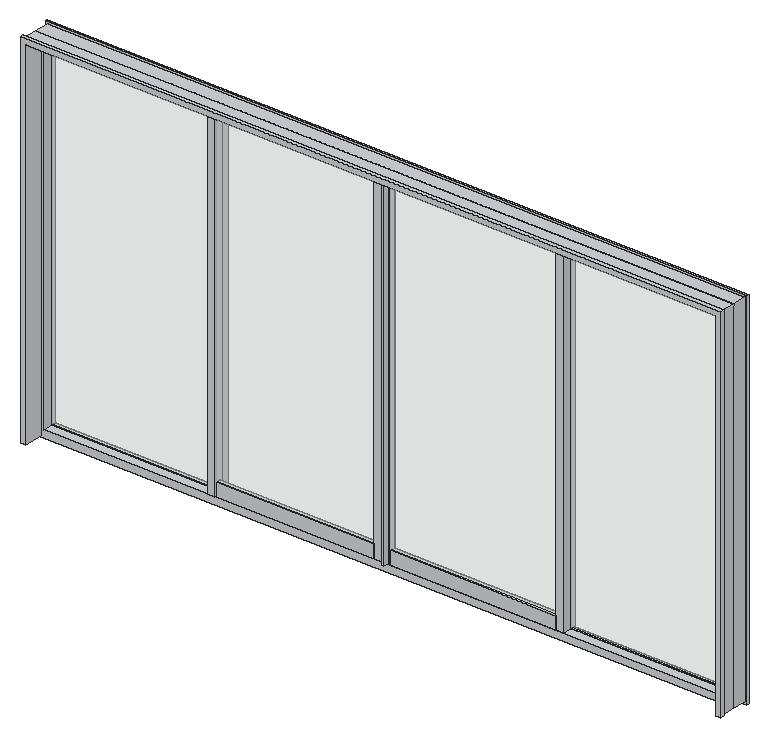
Revit family "APL Residential Thermal Heart Sliding Door FSSF", category Doors, host Wall, Revit 2017 (continued)
Definition of nested family "APL Residential Thermal Heart Sliding Door FSSF Vertical Section"
  Definition of nested family "Sill Two Panel"
    Lines and regions (mm)
      detail lines, in view "Ref. Level", not visible
        curve 187: line (14.503, 84.097, 0) -> (15.503, 84.097, 0)
        curve 188: line (15.503, 84.097, 0) -> (15.503, 80.597, 0)
        curve 189: line (14.453, 83.687, 0) -> (14.453, 80.597, 0)
        curve 190: line (4.053, 83.687, 0) -> (4.053, 80.597, 0)
        curve 191: line (5.053, 80.597, 0) -> (5.053, 83.487, 0)
        curve 192: line (5.053, 83.487, 0) -> (5.053, 84.028, 0)
        curve 193: line (13.453, 80.597, 0) -> (13.453, 83.487, 0)
        curve 194: line (13.453, 83.487, 0) -> (13.453, 84.028, 0)
        curve 195: line (4.053, 83.687, 0) -> (4.053, 83.935, 0)
        curve 196: line (14.453, 83.687, 0) -> (14.453, 83.935, 0)
        curve 197: line (8.802, 55.228, 0) -> (8.694, 56.546, 0)
        curve 198: line (8.417, 59.935, 0) -> (8.309, 61.253, 0)
        curve 199: line (9.704, 61.367, 0) -> (9.812, 60.049, 0)
        curve 200: line (10.09, 56.66, 0) -> (10.198, 55.342, 0)
        curve 201: line (1.903, 79.297, 0) -> (1.903, 84.297, 0)
        curve 202: line (2.903, 85.297, 0) -> (15.603, 85.297, 0)
        curve 203: line (16.603, 84.297, 0) -> (16.603, 79.297, 0)
        curve 204: line (16.603, 79.297, 0) -> (15.603, 79.297, 0)
        curve 205: line (15.603, 79.297, 0) -> (15.603, 83.997, 0)
        curve 206: line (15.303, 84.297, 0) -> (3.203, 84.297, 0)
        curve 207: line (2.903, 83.997, 0) -> (2.903, 79.297, 0)
        curve 208: line (2.903, 79.297, 0) -> (1.903, 79.297, 0)
        curve 209: line (1.903, 79.297, 0) -> (1.903, 77.297, 0)
        curve 210: line (1.903, 77.297, 0) -> (1.903, 74.797, 0)
        curve 211: line (15.603, 79.297, 0) -> (15.603, 77.297, 0)
        curve 212: line (15.603, 77.297, 0) -> (16.603, 77.297, 0)
        curve 213: line (16.603, 77.297, 0) -> (16.603, 79.297, 0)
        curve 214: line (2.903, 79.297, 0) -> (2.903, 77.297, 0)
        curve 215: line (2.903, 77.297, 0) -> (1.903, 77.297, 0)
        curve 216: line (2.003, 50.297, 0) -> (16.603, 50.297, 0)
        curve 217: line (16.603, 50.297, 0) -> (16.603, 74.797, 0)
        curve 218: line (16.603, 74.797, 0) -> (2.003, 74.797, 0)
        curve 219: line (2.003, 74.797, 0) -> (2.003, 50.297, 0)
        curve 220: line (1.903, 50.297, 0) -> (1.903, 74.797, 0)
        curve 221: line (2.903, 77.297, 0) -> (2.903, 74.797, 0)
        curve 222: line (16.603, 77.297, 0) -> (16.603, 74.797, 0)
        curve 223: line (15.603, 77.297, 0) -> (15.603, 74.797, 0)
        curve 224: line (16.603, 73.797, 0) -> (17.703, 73.797, 0)
        curve 225: line (17.703, 73.797, 0) -> (17.703, 60.797, 0)
        curve 226: line (17.703, 60.797, 0) -> (16.603, 60.797, 0)
        curve 227: line (1.903, 60.797, 0) -> (0.803, 60.797, 0)
        curve 228: line (0.803, 60.797, 0) -> (0.803, 73.797, 0)
        curve 229: line (0.803, 73.797, 0) -> (1.903, 73.797, 0)
        curve 230: line (15.003, 50.297, 0) -> (15.003, 50.097, 0)
        curve 231: line (3.503, 50.097, 0) -> (3.503, 50.297, 0)
        curve 232: line (3.503, 74.797, 0) -> (3.503, 80.597, 0)
        curve 233: line (7.678, 42.401, 0) -> (7.678, 50.097, 0)
        curve 234: line (7.678, 80.597, 0) -> (7.678, 81.793, 0)
        curve 235: line (10.828, 81.793, 0) -> (10.828, 80.597, 0)
        curve 236: line (10.828, 50.097, 0) -> (10.828, 42.401, 0)
        curve 237: line (12.208, 59.242, 0) -> (13.526, 59.35, 0)
        curve 238: line (13.64, 57.954, 0) -> (12.323, 57.847, 0)
        curve 239: line (6.298, 57.353, 0) -> (4.981, 57.245, 0)
        curve 240: line (4.867, 58.64, 0) -> (6.184, 58.748, 0)
        curve 241: line (6.184, 58.748, 0) -> (7.502, 58.856, 0)
        curve 242: line (10.89, 59.134, 0) -> (12.208, 59.242, 0)
        curve 243: line (12.323, 57.847, 0) -> (11.005, 57.739, 0)
        curve 244: line (7.616, 57.461, 0) -> (6.298, 57.353, 0)
        curve 245: arc (6.298, 57.353, 0) -> (7.246, 55.932, 0) -> (8.802, 55.228, 0) r 3.102
        curve 246: arc (12.208, 59.242, 0) -> (11.261, 60.663, 0) -> (9.704, 61.367, 0) r 3.102
    Dimensions and locks
      nested 1 to nested 3 = 17.8 mm
      nested 3 to nested 4 = 7 mm
    Nested families
      nested 1: "65596_Track" at (9.171, 14.2, 0), type "65596_Track", in view "Ref. Level"
      nested 2: "65575_Threshold" at (-87.029, 24, 0), type "65575_Threshold", in view "Ref. Level"
      nested 3: "65470_Door Sill Rail" at (-13.029, 33.8, 0), type "65470_Door Sill Rail", in view "Ref. Level"
      nested 4: "65380_Frame Sill" at (-87.029, 0, 0), type "65380_Frame Sill", in view "Ref. Level"
    Definition of nested family "65596_Track"
      Reference planes
        plane 1 "Center (Front/Back)": y = 0
        plane 2: z = 0
        plane 3 "Center (Left/Right)": x = 0
      Lines and regions (mm)
        detail lines, in view "Ref. Level"
          curve 1: arc (-1.2, 1.8, 0) -> (-1.059, 1.859, 0) -> (-1, 2, 0) r 0.2
          curve 2: arc (-1, 22.438, 0) -> (-1.623, 23.888, 0) -> (-3.105, 24.435, 0) r 2
          curve 3: arc (-17.186, 23.697, 0) -> (-17.523, 23.542, 0) -> (-17.66, 23.198, 0) r 0.5
          curve 4: arc (-17.66, 18.846, 0) -> (-18.14, 16.435, 0) -> (-19.505, 14.392, 0) r 6.3
          curve 5: arc (-21.85, 12.046, 0) -> (-22.77, 12.046, 0) -> (-22.77, 12.966, 0) r 0.65
          curve 6: arc (-20.424, 15.311, 0) -> (-19.341, 16.933, 0) -> (-18.96, 18.846, 0) r 5
          curve 7: arc (-18.96, 24.932, 0) -> (-18.823, 25.276, 0) -> (-18.486, 25.431, 0) r 0.5
          curve 8: arc (-2.589, 26.264, 0) -> (-2.456, 26.325, 0) -> (-2.399, 26.459, 0) r 0.2
          curve 9: arc (-2.399, 26.459, 0) -> (0, 28.8, 0) -> (2.399, 26.459, 0) r 2.4
          curve 10: arc (2.399, 26.459, 0) -> (2.456, 26.325, 0) -> (2.589, 26.264, 0) r 0.2
          curve 11: arc (6.566, 26.056, 0) -> (6.903, 25.901, 0) -> (7.04, 25.557, 0) r 0.5
          curve 12: arc (7.04, 18.846, 0) -> (7.421, 16.933, 0) -> (8.504, 15.311, 0) r 5
          curve 13: arc (10.85, 12.966, 0) -> (10.85, 12.046, 0) -> (9.93, 12.046, 0) r 0.65
          curve 14: arc (7.585, 14.392, 0) -> (6.22, 16.435, 0) -> (5.74, 18.846, 0) r 6.3
          curve 15: arc (5.74, 23.822, 0) -> (5.603, 24.166, 0) -> (5.266, 24.322, 0) r 0.5
          curve 16: arc (3.105, 24.435, 0) -> (1.623, 23.888, 0) -> (1, 22.438, 0) r 2
          curve 17: arc (1, 2, 0) -> (1.059, 1.859, 0) -> (1.2, 1.8, 0) r 0.2
          curve 18: arc (10.59, 0, 0) -> (10.449, 0.059, 0) -> (10.39, 0.2, 0) r 0.2
          curve 19: arc (10.39, 1.6, 0) -> (10.331, 1.741, 0) -> (10.19, 1.8, 0) r 0.2
          curve 20: arc (-8.81, 1.8, 0) -> (-8.951, 1.741, 0) -> (-9.01, 1.6, 0) r 0.2
          curve 21: arc (-9.01, -1.3, 0) -> (-8.951, -1.441, 0) -> (-8.81, -1.5, 0) r 0.2
          curve 22: arc (-7.41, -1.5, 0) -> (-7.269, -1.441, 0) -> (-7.21, -1.3, 0) r 0.2
          curve 23: arc (-7.21, -0.2, 0) -> (-7.151, -0.059, 0) -> (-7.01, 0, 0) r 0.2
          curve 24: arc (8.715, 0, 0) -> (9.001, -0.089, 0) -> (9.185, -0.325, 0) r 0.5
          curve 25: arc (9.185, -0.325, 0) -> (9.735, -1.032, 0) -> (10.59, -1.3, 0) r 1.5
          curve 26: arc (11.89, -1.3, 0) -> (12.597, -1.007, 0) -> (12.89, -0.3, 0) r 1
          curve 27: arc (12.89, -0.2, 0) -> (12.831, -0.059, 0) -> (12.69, 0, 0) r 0.2
          curve 28: line (1, 6.8, 0) -> (-1, 6.8, 0)
          curve 29: line (-1, 2, 0) -> (-1, 22.438, 0)
          curve 30: line (-3.105, 24.435, 0) -> (-17.186, 23.697, 0)
          curve 31: line (-17.66, 23.198, 0) -> (-17.66, 18.846, 0)
          curve 32: line (-19.505, 14.392, 0) -> (-21.85, 12.046, 0)
          curve 33: line (-22.77, 12.966, 0) -> (-20.424, 15.311, 0)
          curve 34: line (-18.96, 18.846, 0) -> (-18.96, 24.932, 0)
          curve 35: line (-18.486, 25.431, 0) -> (-2.589, 26.264, 0)
          curve 36: line (2.589, 26.264, 0) -> (6.566, 26.056, 0)
          curve 37: line (7.04, 25.557, 0) -> (7.04, 18.846, 0)
          curve 38: line (8.504, 15.311, 0) -> (10.85, 12.966, 0)
          curve 39: line (9.93, 12.046, 0) -> (7.585, 14.392, 0)
          curve 40: line (5.74, 18.846, 0) -> (5.74, 23.822, 0)
          curve 41: line (5.266, 24.322, 0) -> (3.105, 24.435, 0)
          curve 42: line (1, 22.438, 0) -> (1, 2, 0)
          curve 43: line (10.39, 0.2, 0) -> (10.39, 1.6, 0)
          curve 44: line (10.19, 1.8, 0) -> (-8.81, 1.8, 0)
          curve 45: line (-9.01, 1.6, 0) -> (-9.01, -1.3, 0)
          curve 46: line (-8.81, -1.5, 0) -> (-7.41, -1.5, 0)
          curve 47: line (-7.21, -1.3, 0) -> (-7.21, -0.2, 0)
          curve 48: line (-7.01, 0, 0) -> (8.715, 0, 0)
          curve 49: line (10.59, -1.3, 0) -> (11.89, -1.3, 0)
          curve 50: line (12.69, 0, 0) -> (10.59, 0, 0)
      Text (mm)
        text "65596" at (20.379, 15.04, 0), in view "Ref. Level"
    Definition of nested family "65575_Threshold"
      Reference planes
        plane 1 "Center (Front/Back)": y = 0
        plane 2: z = 0
        plane 3 "Center (Left/Right)": x = 0
      Lines and regions (mm)
        detail lines, in view "Ref. Level"
          curve 1: arc (0.123, 1.385, 0) -> (0.034, 1.312, 0) -> (0, 1.2, 0) r 0.2
          curve 2: arc (0, 0.2, 0) -> (0.059, 0.059, 0) -> (0.2, 0, 0) r 0.2
          curve 3: arc (1.987, -0.473, 0) -> (2.044, -0.588, 0) -> (2.019, -0.715, 0) r 0.2
          curve 4: arc (1.788, -1.112, 0) -> (1.916, -1.591, 0) -> (2.394, -1.463, 0) r 0.35
          curve 5: arc (2.779, -0.797, 0) -> (2.842, -0.484, 0) -> (2.701, -0.197, 0) r 0.497
          curve 6: arc (2.033, 0.47, 0) -> (1.979, 0.65, 0) -> (2.098, 0.796, 0) r 0.2
          curve 7: arc (41.094, 16.949, 0) -> (41.282, 16.93, 0) -> (41.37, 16.764, 0) r 0.2
          curve 8: arc (41.37, 12.481, 0) -> (41.586, 11.578, 0) -> (42.188, 10.869, 0) r 2
          curve 9: arc (42.188, 10.869, 0) -> (43.515, 8.691, 0) -> (42.924, 6.21, 0) r 3.35
          curve 10: arc (42.924, 6.21, 0) -> (43.038, 5.512, 0) -> (43.736, 5.625, 0) r 0.5
          curve 11: arc (43.736, 5.625, 0) -> (44.503, 8.847, 0) -> (42.779, 11.675, 0) r 4.35
          curve 12: arc (42.779, 11.675, 0) -> (42.478, 12.03, 0) -> (42.37, 12.481, 0) r 1
          curve 13: arc (42.37, 18.585, 0) -> (42.282, 18.751, 0) -> (42.094, 18.77, 0) r 0.2
          curve 14: line (0, 1.2, 0) -> (0, 0.2, 0)
          curve 15: line (0.2, 0, 0) -> (1.431, 0, 0)
          curve 16: line (1.573, -0.059, 0) -> (1.987, -0.473, 0)
          curve 17: line (2.019, -0.715, 0) -> (1.788, -1.112, 0)
          curve 18: line (2.394, -1.463, 0) -> (2.779, -0.797, 0)
          curve 19: line (2.701, -0.197, 0) -> (2.033, 0.47, 0)
          curve 20: line (2.098, 0.796, 0) -> (41.094, 16.949, 0)
          curve 21: line (41.37, 16.764, 0) -> (41.37, 12.481, 0)
          curve 22: line (42.37, 12.481, 0) -> (42.37, 18.585, 0)
          curve 23: line (42.094, 18.77, 0) -> (0.123, 1.385, 0)
      Text (mm)
        text "65575" at (6.848, 22.344, 0), in view "Ref. Level"
    Definition of nested family "65470_Door Sill Rail"
      Reference planes
        plane 1 "Center (Front/Back)": y = 0
        plane 2: z = 0
        plane 3 "Center (Left/Right)": x = 0
      Lines and regions (mm)
        detail lines, in view "Ref. Level"
          curve 1: arc (2.879, 58.956, 0) -> (2.804, 58.989, 0) -> (2.723, 59, 0) r 0.3
          curve 2: arc (2.202, 59, 0) -> (2.044, 58.922, 0) -> (2.008, 58.75, 0) r 0.2
          curve 3: arc (2.202, 54.747, 0) -> (2.176, 54.625, 0) -> (2.102, 54.524, 0) r 0.3
          curve 4: arc (2.102, 54.524, 0) -> (2.022, 54.193, 0) -> (2.302, 54, 0) r 0.3
          curve 5: arc (4.523, 54.543, 0) -> (4.612, 54.595, 0) -> (4.664, 54.684, 0) r 0.2
          curve 6: arc (4.709, 54.852, 0) -> (4.85, 54.993, 0) -> (5.043, 54.941, 0) r 0.2
          curve 7: arc (5.407, 54.578, 0) -> (5.467, 54.492, 0) -> (5.494, 54.392, 0) r 0.3
          curve 8: arc (5.701, 52.026, 0) -> (5.585, 51.762, 0) -> (5.299, 51.718, 0) r 0.3
          curve 9: arc (3.889, 52.231, 0) -> (3.763, 52.319, 0) -> (3.697, 52.457, 0) r 0.3
          curve 10: arc (3.697, 52.457, 0) -> (3.424, 52.699, 0) -> (3.119, 52.5, 0) r 0.3
          curve 11: arc (2.3, 52.5, 0) -> (1.946, 52.353, 0) -> (1.8, 52, 0) r 0.5
          curve 12: arc (1.8, 46.697, 0) -> (1.86, 46.557, 0) -> (2, 46.5, 0) r 0.2
          curve 13: arc (3, 46.5, 0) -> (3.141, 46.441, 0) -> (3.2, 46.3, 0) r 0.2
          curve 14: arc (3.2, 45.2, 0) -> (3.141, 45.058, 0) -> (3, 45, 0) r 0.2
          curve 15: arc (2, 45, 0) -> (1.86, 44.942, 0) -> (1.8, 44.803, 0) r 0.2
          curve 16: arc (1.8, 30.197, 0) -> (1.86, 30.057, 0) -> (2, 30, 0) r 0.2
          curve 17: arc (3, 30, 0) -> (3.141, 29.941, 0) -> (3.2, 29.8, 0) r 0.2
          curve 18: arc (3.2, 28.7, 0) -> (3.141, 28.558, 0) -> (3, 28.5, 0) r 0.2
          curve 19: arc (2, 28.5, 0) -> (1.86, 28.442, 0) -> (1.8, 28.303, 0) r 0.2
          curve 20: arc (1.8, 0.2, 0) -> (1.741, 0.059, 0) -> (1.6, 0, 0) r 0.2
          curve 21: arc (0.5, 0, 0) -> (0.146, 0.146, 0) -> (0, 0.5, 0) r 0.5
          curve 22: arc (0, 99.8, 0) -> (0.059, 99.942, 0) -> (0.2, 100, 0) r 0.2
          curve 23: arc (3.002, 100, 0) -> (3.143, 99.942, 0) -> (3.202, 99.8, 0) r 0.2
          curve 24: arc (3.202, 98.37, 0) -> (3.143, 98.229, 0) -> (3.002, 98.17, 0) r 0.2
          curve 25: arc (2.402, 98.17, 0) -> (2.261, 98.229, 0) -> (2.202, 98.37, 0) r 0.2
          curve 26: arc (2.202, 98.72, 0) -> (2.143, 98.862, 0) -> (2.002, 98.92, 0) r 0.2
          curve 27: arc (1.402, 98.92, 0) -> (1.261, 98.862, 0) -> (1.202, 98.72, 0) r 0.2
          curve 28: arc (1.202, 95.62, 0) -> (1.261, 95.479, 0) -> (1.402, 95.42, 0) r 0.2
          curve 29: arc (2.002, 95.42, 0) -> (2.143, 95.479, 0) -> (2.202, 95.62, 0) r 0.2
          curve 30: arc (2.202, 95.97, 0) -> (2.261, 96.112, 0) -> (2.402, 96.17, 0) r 0.2
          curve 31: arc (3.002, 96.17, 0) -> (3.143, 96.112, 0) -> (3.202, 95.97, 0) r 0.2
          curve 32: arc (3.202, 92.87, 0) -> (3.143, 92.729, 0) -> (3.002, 92.67, 0) r 0.2
          curve 33: arc (1.6, 92.67, 0) -> (1.459, 92.612, 0) -> (1.4, 92.47, 0) r 0.2
          curve 34: arc (1.644, 81.94, 0) -> (1.956, 81.272, 0) -> (2.642, 81, 0) r 1
          curve 35: arc (3.119, 81, 0) -> (3.424, 80.801, 0) -> (3.697, 81.044, 0) r 0.3
          curve 36: arc (3.697, 81.044, 0) -> (3.763, 81.181, 0) -> (3.889, 81.269, 0) r 0.3
          curve 37: arc (5.299, 81.782, 0) -> (5.585, 81.738, 0) -> (5.701, 81.474, 0) r 0.3
          curve 38: arc (5.494, 79.109, 0) -> (5.467, 79.008, 0) -> (5.407, 78.923, 0) r 0.3
          curve 39: arc (5.043, 78.559, 0) -> (4.85, 78.507, 0) -> (4.709, 78.649, 0) r 0.2
          curve 40: arc (4.664, 78.816, 0) -> (4.612, 78.906, 0) -> (4.523, 78.957, 0) r 0.2
          curve 41: arc (2.302, 79.5, 0) -> (2.022, 79.307, 0) -> (2.102, 78.977, 0) r 0.3
          curve 42: arc (2.102, 78.977, 0) -> (2.176, 78.876, 0) -> (2.202, 78.753, 0) r 0.3
          curve 43: arc (2.008, 74.75, 0) -> (2.044, 74.578, 0) -> (2.202, 74.5, 0) r 0.2
          curve 44: arc (2.722, 74.5, 0) -> (2.804, 74.511, 0) -> (2.879, 74.544, 0) r 0.3
          curve 45: arc (4.133, 75.309, 0) -> (4.13, 75.479, 0) -> (4.236, 75.612, 0) r 0.25
          curve 46: arc (4.322, 75.664, 0) -> (4.574, 75.668, 0) -> (4.702, 75.45, 0) r 0.25
          curve 47: arc (4.702, 73.304, 0) -> (4.676, 73.206, 0) -> (4.606, 73.133, 0) r 0.2
          curve 48: arc (2.298, 71.724, 0) -> (2.228, 71.651, 0) -> (2.202, 71.553, 0) r 0.2
          curve 49: arc (2.202, 61.825, 0) -> (2.228, 61.727, 0) -> (2.298, 61.654, 0) r 0.2
          curve 50: arc (4.606, 60.245, 0) -> (4.676, 60.172, 0) -> (4.702, 60.074, 0) r 0.2
          curve 51: arc (4.702, 58.05, 0) -> (4.575, 57.832, 0) -> (4.322, 57.837, 0) r 0.25
          curve 52: line (4.133, 58.191, 0) -> (2.879, 58.956, 0)
          curve 53: line (2.723, 59, 0) -> (2.202, 59, 0)
          curve 54: line (2.008, 58.75, 0) -> (2.202, 58, 0)
          curve 55: line (2.202, 57.975, 0) -> (2.202, 54.747, 0)
          curve 56: line (2.534, 54.01, 0) -> (4.523, 54.543, 0)
          curve 57: line (4.664, 54.684, 0) -> (4.709, 54.852, 0)
          curve 58: line (5.043, 54.941, 0) -> (5.407, 54.578, 0)
          curve 59: line (5.494, 54.392, 0) -> (5.701, 52.026, 0)
          curve 60: line (5.299, 51.718, 0) -> (3.889, 52.231, 0)
          curve 61: line (3.119, 52.5, 0) -> (2.3, 52.5, 0)
          curve 62: line (1.8, 52, 0) -> (1.8, 46.697, 0)
          curve 63: line (2, 46.5, 0) -> (3, 46.5, 0)
          curve 64: line (3.2, 46.3, 0) -> (3.2, 45.2, 0)
          curve 65: line (3, 45, 0) -> (2, 45, 0)
          curve 66: line (1.8, 44.803, 0) -> (1.8, 30.197, 0)
          curve 67: line (2, 30, 0) -> (3, 30, 0)
          curve 68: line (3.2, 29.8, 0) -> (3.2, 28.7, 0)
          curve 69: line (3, 28.5, 0) -> (2, 28.5, 0)
          curve 70: line (1.8, 28.303, 0) -> (1.8, 0.2, 0)
          curve 71: line (1.6, 0, 0) -> (0.5, 0, 0)
          curve 72: line (0, 0.5, 0) -> (0, 99.8, 0)
          curve 73: line (0.2, 100, 0) -> (3.002, 100, 0)
          curve 74: line (3.202, 99.8, 0) -> (3.202, 98.37, 0)
          curve 75: line (3.002, 98.17, 0) -> (2.402, 98.17, 0)
          curve 76: line (2.202, 98.37, 0) -> (2.202, 98.72, 0)
          curve 77: line (2.002, 98.92, 0) -> (1.402, 98.92, 0)
          curve 78: line (1.202, 98.72, 0) -> (1.202, 95.62, 0)
          curve 79: line (1.402, 95.42, 0) -> (2.002, 95.42, 0)
          curve 80: line (2.202, 95.62, 0) -> (2.202, 95.97, 0)
          curve 81: line (2.402, 96.17, 0) -> (3.002, 96.17, 0)
          curve 82: line (3.202, 95.97, 0) -> (3.202, 92.87, 0)
          curve 83: line (3.002, 92.67, 0) -> (1.6, 92.67, 0)
          curve 84: line (1.4, 92.47, 0) -> (1.4, 86, 0)
          curve 85: line (1.4, 86, 0) -> (1.644, 81.94, 0)
          curve 86: line (2.642, 81, 0) -> (3.119, 81, 0)
          curve 87: line (3.889, 81.269, 0) -> (5.299, 81.782, 0)
          curve 88: line (5.701, 81.474, 0) -> (5.494, 79.109, 0)
          curve 89: line (5.407, 78.923, 0) -> (5.043, 78.559, 0)
          curve 90: line (4.709, 78.649, 0) -> (4.664, 78.816, 0)
          curve 91: line (4.523, 78.957, 0) -> (2.534, 79.49, 0)
          curve 92: line (2.202, 78.753, 0) -> (2.202, 75.526, 0)
          curve 93: line (2.202, 75.5, 0) -> (2.008, 74.75, 0)
          curve 94: line (2.202, 74.5, 0) -> (2.722, 74.5, 0)
          curve 95: line (2.879, 74.544, 0) -> (4.133, 75.309, 0)
          curve 96: line (4.702, 75.45, 0) -> (4.702, 73.304, 0)
          curve 97: line (4.606, 73.133, 0) -> (2.298, 71.724, 0)
          curve 98: line (2.202, 71.553, 0) -> (2.202, 61.825, 0)
          curve 99: line (2.298, 61.654, 0) -> (4.606, 60.245, 0)
          curve 100: line (4.702, 60.074, 0) -> (4.702, 58.05, 0)
          curve 101: arc (4.236, 57.889, 0) -> (4.13, 58.021, 0) -> (4.133, 58.191, 0) r 0.25
          curve 102: arc (31.439, 98.795, 0) -> (31.508, 98.913, 0) -> (31.636, 98.96, 0) r 0.2
          curve 103: arc (32.901, 99.797, 0) -> (32.959, 99.94, 0) -> (33.101, 100, 0) r 0.2
          curve 104: arc (33.8, 100, 0) -> (33.941, 99.942, 0) -> (34, 99.8, 0) r 0.2
          curve 105: arc (34, 0.5, 0) -> (33.854, 0.146, 0) -> (33.5, 0, 0) r 0.5
          curve 106: arc (32.4, 0, 0) -> (32.259, 0.059, 0) -> (32.2, 0.2, 0) r 0.2
          curve 107: arc (32.2, 28.3, 0) -> (32.141, 28.441, 0) -> (32, 28.5, 0) r 0.2
          curve 108: arc (31.6, 28.5, 0) -> (31.459, 28.558, 0) -> (31.4, 28.7, 0) r 0.2
          curve 109: arc (31.4, 29.8, 0) -> (31.459, 29.941, 0) -> (31.6, 30, 0) r 0.2
          curve 110: arc (32, 30, 0) -> (32.141, 30.058, 0) -> (32.2, 30.2, 0) r 0.2
          curve 111: arc (32.2, 44.8, 0) -> (32.141, 44.941, 0) -> (32, 45, 0) r 0.2
          curve 112: arc (30.6, 45, 0) -> (30.459, 45.058, 0) -> (30.4, 45.2, 0) r 0.2
          curve 113: arc (30.4, 46.3, 0) -> (30.459, 46.441, 0) -> (30.6, 46.5, 0) r 0.2
          curve 114: arc (32, 46.5, 0) -> (32.141, 46.558, 0) -> (32.2, 46.7, 0) r 0.2
          curve 115: arc (31.601, 52.133, 0) -> (31.422, 52.398, 0) -> (31.119, 52.5, 0) r 0.5
          curve 116: arc (16.085, 52.5, 0) -> (15.78, 52.699, 0) -> (15.507, 52.457, 0) r 0.3
          curve 117: arc (15.507, 52.457, 0) -> (15.441, 52.319, 0) -> (15.315, 52.231, 0) r 0.3
          curve 118: arc (13.905, 51.718, 0) -> (13.619, 51.762, 0) -> (13.503, 52.026, 0) r 0.3
          curve 119: arc (13.71, 54.392, 0) -> (13.737, 54.492, 0) -> (13.797, 54.578, 0) r 0.3
          curve 120: arc (14.161, 54.941, 0) -> (14.354, 54.993, 0) -> (14.495, 54.852, 0) r 0.2
          curve 121: arc (14.54, 54.684, 0) -> (14.592, 54.595, 0) -> (14.681, 54.543, 0) r 0.2
          curve 122: arc (16.902, 54, 0) -> (17.182, 54.193, 0) -> (17.102, 54.524, 0) r 0.3
          curve 123: arc (17.102, 54.524, 0) -> (17.028, 54.625, 0) -> (17.002, 54.747, 0) r 0.3
          curve 124: arc (17.196, 58.75, 0) -> (17.16, 58.922, 0) -> (17.002, 59, 0) r 0.2
          curve 125: arc (16.482, 59, 0) -> (16.4, 58.989, 0) -> (16.325, 58.956, 0) r 0.3
          curve 126: arc (15.071, 58.191, 0) -> (15.074, 58.021, 0) -> (14.968, 57.889, 0) r 0.25
          curve 127: arc (14.882, 57.837, 0) -> (14.63, 57.832, 0) -> (14.502, 58.05, 0) r 0.25
          curve 128: arc (14.502, 60.196, 0) -> (14.528, 60.294, 0) -> (14.598, 60.367, 0) r 0.2
          curve 129: arc (16.906, 61.776, 0) -> (16.976, 61.849, 0) -> (17.002, 61.947, 0) r 0.2
          curve 130: arc (17.002, 71.553, 0) -> (16.976, 71.651, 0) -> (16.906, 71.724, 0) r 0.2
          curve 131: arc (14.598, 73.133, 0) -> (14.528, 73.206, 0) -> (14.502, 73.304, 0) r 0.2
          curve 132: arc (14.502, 75.45, 0) -> (14.629, 75.668, 0) -> (14.882, 75.664, 0) r 0.25
          curve 133: arc (14.968, 75.612, 0) -> (15.074, 75.479, 0) -> (15.071, 75.309, 0) r 0.25
          curve 134: arc (16.325, 74.544, 0) -> (16.4, 74.512, 0) -> (16.481, 74.5, 0) r 0.3
          curve 135: arc (17.002, 74.5, 0) -> (17.16, 74.578, 0) -> (17.196, 74.75, 0) r 0.2
          curve 136: arc (17.002, 78.753, 0) -> (17.028, 78.876, 0) -> (17.102, 78.977, 0) r 0.3
          curve 137: arc (17.102, 78.977, 0) -> (17.182, 79.307, 0) -> (16.902, 79.5, 0) r 0.3
          curve 138: arc (14.681, 78.957, 0) -> (14.592, 78.906, 0) -> (14.54, 78.816, 0) r 0.2
          curve 139: arc (14.495, 78.649, 0) -> (14.354, 78.507, 0) -> (14.161, 78.559, 0) r 0.2
          curve 140: arc (13.797, 78.923, 0) -> (13.737, 79.008, 0) -> (13.71, 79.109, 0) r 0.3
          curve 141: arc (13.503, 81.474, 0) -> (13.619, 81.738, 0) -> (13.905, 81.782, 0) r 0.3
          curve 142: arc (15.315, 81.269, 0) -> (15.441, 81.181, 0) -> (15.507, 81.044, 0) r 0.3
          curve 143: arc (15.507, 81.044, 0) -> (15.78, 80.801, 0) -> (16.085, 81, 0) r 0.3
          curve 144: arc (31.1, 81, 0) -> (31.414, 81.097, 0) -> (31.601, 81.367, 0) r 0.5
          curve 145: arc (32.601, 96.465, 0) -> (32.523, 96.623, 0) -> (32.349, 96.658, 0) r 0.2
          curve 146: arc (31.453, 96.417, 0) -> (31.279, 96.452, 0) -> (31.201, 96.611, 0) r 0.2
          curve 147: arc (20.155, 74.28, 0) -> (19.65, 74.922, 0) -> (19.29, 75.654, 0) r 3.9
          curve 148: arc (19.29, 75.654, 0) -> (19.067, 75.782, 0) -> (18.902, 75.585, 0) r 0.2
          curve 149: arc (18.902, 57.915, 0) -> (19.067, 57.718, 0) -> (19.29, 57.846, 0) r 0.2
          curve 150: arc (19.29, 57.846, 0) -> (19.65, 58.578, 0) -> (20.155, 59.22, 0) r 3.9
          curve 151: arc (20.155, 59.22, 0) -> (21.428, 59.237, 0) -> (21.445, 57.964, 0) r 0.9
          curve 152: arc (21.445, 57.964, 0) -> (20.85, 56.5, 0) -> (21.445, 55.035, 0) r 2.1
          curve 153: arc (21.445, 55.035, 0) -> (21.57, 54.873, 0) -> (21.656, 54.686, 0) r 0.9
          curve 154: arc (21.656, 54.686, 0) -> (21.753, 54.514, 0) -> (21.91, 54.393, 0) r 0.5
          curve 155: arc (21.91, 54.393, 0) -> (22.95, 54.15, 0) -> (23.99, 54.393, 0) r 2.35
          curve 156: arc (23.99, 54.393, 0) -> (24.147, 54.514, 0) -> (24.244, 54.686, 0) r 0.5
          curve 157: arc (24.244, 54.686, 0) -> (24.33, 54.873, 0) -> (24.455, 55.035, 0) r 0.9
          curve 158: arc (24.455, 55.035, 0) -> (25.05, 56.5, 0) -> (24.455, 57.964, 0) r 2.1
          curve 159: arc (24.455, 57.964, 0) -> (24.472, 59.237, 0) -> (25.745, 59.22, 0) r 0.9
          curve 160: arc (25.745, 59.22, 0) -> (26.799, 57.131, 0) -> (26.468, 54.816, 0) r 3.9
          curve 161: arc (26.468, 54.816, 0) -> (26.496, 54.333, 0) -> (26.919, 54.1, 0) r 0.5
          curve 162: arc (31.08, 54.1, 0) -> (31.402, 54.217, 0) -> (31.572, 54.514, 0) r 0.5
          curve 163: arc (31.572, 78.986, 0) -> (31.402, 79.283, 0) -> (31.08, 79.4, 0) r 0.5
          curve 164: line (31.636, 98.96, 0) -> (32.901, 98.96, 0)
          curve 165: line (32.901, 98.96, 0) -> (32.901, 99.797, 0)
          curve 166: line (33.101, 100, 0) -> (33.8, 100, 0)
          curve 167: line (34, 99.8, 0) -> (34, 0.5, 0)
          curve 168: line (33.5, 0, 0) -> (32.4, 0, 0)
          curve 169: line (32.2, 0.2, 0) -> (32.2, 28.3, 0)
          curve 170: line (32, 28.5, 0) -> (31.6, 28.5, 0)
          curve 171: line (31.4, 28.7, 0) -> (31.4, 29.8, 0)
          curve 172: line (31.6, 30, 0) -> (32, 30, 0)
          curve 173: line (32.2, 30.2, 0) -> (32.2, 44.8, 0)
          curve 174: line (32, 45, 0) -> (30.6, 45, 0)
          curve 175: line (30.4, 45.2, 0) -> (30.4, 46.3, 0)
          curve 176: line (30.6, 46.5, 0) -> (32, 46.5, 0)
          curve 177: line (32.2, 46.7, 0) -> (32.2, 49.89, 0)
          curve 178: line (32.182, 50.022, 0) -> (31.601, 52.133, 0)
          curve 179: line (31.119, 52.5, 0) -> (23.35, 52.5, 0)
          curve 180: line (23.35, 52.5, 0) -> (22.95, 52.9, 0)
          curve 181: line (22.95, 52.9, 0) -> (22.55, 52.5, 0)
          curve 182: line (22.55, 52.5, 0) -> (16.085, 52.5, 0)
          curve 183: line (15.315, 52.231, 0) -> (13.905, 51.718, 0)
          curve 184: line (13.503, 52.026, 0) -> (13.71, 54.392, 0)
          curve 185: line (13.797, 54.578, 0) -> (14.161, 54.941, 0)
          curve 186: line (14.495, 54.852, 0) -> (14.54, 54.684, 0)
          curve 187: line (14.681, 54.543, 0) -> (16.67, 54.01, 0)
          curve 188: line (17.002, 54.747, 0) -> (17.002, 57.975, 0)
          curve 189: line (17.002, 58, 0) -> (17.196, 58.75, 0)
          curve 190: line (17.002, 59, 0) -> (16.482, 59, 0)
          curve 191: line (16.325, 58.956, 0) -> (15.071, 58.191, 0)
          curve 192: line (14.502, 58.05, 0) -> (14.502, 60.196, 0)
          curve 193: line (14.598, 60.367, 0) -> (16.906, 61.776, 0)
          curve 194: line (17.002, 61.947, 0) -> (17.002, 71.553, 0)
          curve 195: line (16.906, 71.724, 0) -> (14.598, 73.133, 0)
          curve 196: line (14.502, 73.304, 0) -> (14.502, 75.45, 0)
          curve 197: line (15.071, 75.309, 0) -> (16.325, 74.544, 0)
          curve 198: line (16.481, 74.5, 0) -> (17.002, 74.5, 0)
          curve 199: line (17.196, 74.75, 0) -> (17.002, 75.5, 0)
          curve 200: line (17.002, 75.526, 0) -> (17.002, 78.753, 0)
          curve 201: line (16.67, 79.49, 0) -> (14.681, 78.957, 0)
          curve 202: line (14.54, 78.816, 0) -> (14.495, 78.649, 0)
          curve 203: line (14.161, 78.559, 0) -> (13.797, 78.923, 0)
          curve 204: line (13.71, 79.109, 0) -> (13.503, 81.474, 0)
          curve 205: line (13.905, 81.782, 0) -> (15.315, 81.269, 0)
          curve 206: line (16.085, 81, 0) -> (31.1, 81, 0)
          curve 207: line (31.601, 81.367, 0) -> (32.583, 84.935, 0)
          curve 208: line (32.601, 85.067, 0) -> (32.601, 96.465, 0)
          curve 209: line (32.349, 96.658, 0) -> (31.453, 96.417, 0)
          curve 210: line (31.201, 96.611, 0) -> (31.201, 97.442, 0)
          curve 211: line (31.201, 97.442, 0) -> (31.439, 98.795, 0)
          curve 212: line (18.902, 75.585, 0) -> (18.902, 57.915, 0)
          curve 213: line (26.919, 54.1, 0) -> (31.08, 54.1, 0)
          curve 214: line (31.572, 54.514, 0) -> (32.193, 58.057, 0)
          curve 215: line (32.2, 58.143, 0) -> (32.2, 75.357, 0)
          curve 216: line (32.193, 75.443, 0) -> (31.572, 78.986, 0)
          curve 217: line (31.08, 79.4, 0) -> (26.919, 79.4, 0)
          curve 218: arc (26.919, 79.4, 0) -> (26.496, 79.167, 0) -> (26.468, 78.684, 0) r 0.5
          curve 219: arc (26.468, 78.684, 0) -> (26.799, 76.369, 0) -> (25.745, 74.28, 0) r 3.9
          curve 220: arc (25.745, 74.28, 0) -> (24.472, 74.263, 0) -> (24.455, 75.536, 0) r 0.9
          curve 221: arc (24.455, 75.536, 0) -> (25.05, 77, 0) -> (24.455, 78.465, 0) r 2.1
          curve 222: arc (24.455, 78.465, 0) -> (24.33, 78.627, 0) -> (24.244, 78.814, 0) r 0.9
          curve 223: arc (24.244, 78.814, 0) -> (24.147, 78.987, 0) -> (23.99, 79.108, 0) r 0.5
          curve 224: arc (23.99, 79.108, 0) -> (22.95, 79.35, 0) -> (21.91, 79.108, 0) r 2.35
          curve 225: arc (21.91, 79.108, 0) -> (21.753, 78.987, 0) -> (21.656, 78.814, 0) r 0.5
          curve 226: arc (21.656, 78.814, 0) -> (21.57, 78.627, 0) -> (21.445, 78.465, 0) r 0.9
          curve 227: arc (21.445, 78.465, 0) -> (20.85, 77, 0) -> (21.445, 75.536, 0) r 2.1
          curve 228: arc (21.445, 75.536, 0) -> (21.428, 74.263, 0) -> (20.155, 74.28, 0) r 0.9
          curve 229: arc (2.202, 58.1, 0) -> (2.319, 58.383, 0) -> (2.602, 58.5, 0) r 0.4
          curve 230: arc (2.895, 58.5, 0) -> (2.998, 58.486, 0) -> (3.095, 58.446, 0) r 0.4
          curve 231: arc (4.623, 57.561, 0) -> (4.913, 57.441, 0) -> (5.224, 57.4, 0) r 1.2
          curve 232: arc (6.147, 57.4, 0) -> (6.72, 57.219, 0) -> (7.086, 56.742, 0) r 1
          curve 233: arc (7.879, 54.563, 0) -> (8.026, 54.372, 0) -> (8.255, 54.3, 0) r 0.4
          curve 234: arc (10.949, 54.3, 0) -> (11.178, 54.372, 0) -> (11.325, 54.563, 0) r 0.4
          curve 235: arc (12.118, 56.742, 0) -> (12.484, 57.219, 0) -> (13.057, 57.4, 0) r 1
          curve 236: arc (13.98, 57.4, 0) -> (14.291, 57.441, 0) -> (14.581, 57.561, 0) r 1.2
          curve 237: arc (16.109, 58.446, 0) -> (16.206, 58.486, 0) -> (16.309, 58.5, 0) r 0.4
          curve 238: arc (16.602, 58.5, 0) -> (16.885, 58.383, 0) -> (17.002, 58.1, 0) r 0.4
          curve 239: arc (17.002, 54.7, 0) -> (16.885, 54.417, 0) -> (16.602, 54.3, 0) r 0.4
          curve 240: arc (16.309, 54.3, 0) -> (16.206, 54.314, 0) -> (16.109, 54.354, 0) r 0.4
          curve 241: arc (14.581, 55.238, 0) -> (14.287, 55.36, 0) -> (13.972, 55.4, 0) r 1.2
          curve 242: arc (13.972, 55.4, 0) -> (13.797, 55.347, 0) -> (13.686, 55.203, 0) r 0.3
          curve 243: arc (12.798, 52.763, 0) -> (12.651, 52.572, 0) -> (12.422, 52.5, 0) r 0.4
          curve 244: arc (6.782, 52.5, 0) -> (6.553, 52.572, 0) -> (6.406, 52.763, 0) r 0.4
          curve 245: arc (5.518, 55.203, 0) -> (5.407, 55.347, 0) -> (5.232, 55.4, 0) r 0.3
          curve 246: arc (5.232, 55.4, 0) -> (4.917, 55.36, 0) -> (4.623, 55.238, 0) r 1.2
          curve 247: arc (3.095, 54.354, 0) -> (2.998, 54.314, 0) -> (2.895, 54.3, 0) r 0.4
          curve 248: arc (2.602, 54.3, 0) -> (2.319, 54.417, 0) -> (2.202, 54.7, 0) r 0.4
          curve 249: line (2.602, 58.5, 0) -> (2.895, 58.5, 0)
          curve 250: line (3.095, 58.446, 0) -> (4.623, 57.561, 0)
          curve 251: line (5.224, 57.4, 0) -> (6.147, 57.4, 0)
          curve 252: line (7.086, 56.742, 0) -> (7.879, 54.563, 0)
          curve 253: line (8.255, 54.3, 0) -> (10.949, 54.3, 0)
          curve 254: line (11.325, 54.563, 0) -> (12.118, 56.742, 0)
          curve 255: line (13.057, 57.4, 0) -> (13.98, 57.4, 0)
          curve 256: line (14.581, 57.561, 0) -> (16.109, 58.446, 0)
          curve 257: line (16.309, 58.5, 0) -> (16.602, 58.5, 0)
          curve 258: line (17.002, 58.1, 0) -> (17.002, 54.7, 0)
          curve 259: line (16.602, 54.3, 0) -> (16.309, 54.3, 0)
          curve 260: line (16.109, 54.354, 0) -> (14.581, 55.238, 0)
          curve 261: line (13.686, 55.203, 0) -> (12.798, 52.763, 0)
          curve 262: line (12.422, 52.5, 0) -> (6.782, 52.5, 0)
          curve 263: line (6.406, 52.763, 0) -> (5.518, 55.203, 0)
          curve 264: line (4.623, 55.238, 0) -> (3.095, 54.354, 0)
          curve 265: line (2.895, 54.3, 0) -> (2.602, 54.3, 0)
          curve 266: line (2.202, 54.7, 0) -> (2.202, 58.1, 0)
          curve 267: arc (2.202, 75.4, 0) -> (2.319, 75.117, 0) -> (2.602, 75, 0) r 0.4
          curve 268: arc (2.895, 75, 0) -> (2.998, 75.014, 0) -> (3.095, 75.054, 0) r 0.4
          curve 269: arc (4.623, 75.939, 0) -> (4.913, 76.059, 0) -> (5.224, 76.1, 0) r 1.2
          curve 270: arc (6.147, 76.1, 0) -> (6.72, 76.281, 0) -> (7.086, 76.758, 0) r 1
          curve 271: arc (7.879, 78.937, 0) -> (8.026, 79.128, 0) -> (8.255, 79.2, 0) r 0.4
          curve 272: arc (10.949, 79.2, 0) -> (11.178, 79.128, 0) -> (11.325, 78.937, 0) r 0.4
          curve 273: arc (12.118, 76.758, 0) -> (12.484, 76.281, 0) -> (13.057, 76.1, 0) r 1
          curve 274: arc (13.98, 76.1, 0) -> (14.291, 76.059, 0) -> (14.581, 75.939, 0) r 1.2
          curve 275: arc (16.109, 75.054, 0) -> (16.206, 75.014, 0) -> (16.309, 75, 0) r 0.4
          curve 276: arc (16.602, 75, 0) -> (16.885, 75.117, 0) -> (17.002, 75.4, 0) r 0.4
          curve 277: arc (17.002, 78.8, 0) -> (16.885, 79.083, 0) -> (16.602, 79.2, 0) r 0.4
          curve 278: arc (16.309, 79.2, 0) -> (16.206, 79.187, 0) -> (16.109, 79.147, 0) r 0.4
          curve 279: arc (14.581, 78.262, 0) -> (14.287, 78.14, 0) -> (13.972, 78.1, 0) r 1.2
          curve 280: arc (13.972, 78.1, 0) -> (13.797, 78.153, 0) -> (13.686, 78.298, 0) r 0.3
          curve 281: arc (12.798, 80.737, 0) -> (12.651, 80.928, 0) -> (12.422, 81, 0) r 0.4
          curve 282: arc (6.782, 81, 0) -> (6.553, 80.928, 0) -> (6.406, 80.737, 0) r 0.4
          curve 283: arc (5.518, 78.298, 0) -> (5.407, 78.153, 0) -> (5.232, 78.1, 0) r 0.3
          curve 284: arc (5.232, 78.1, 0) -> (4.917, 78.14, 0) -> (4.623, 78.262, 0) r 1.2
          curve 285: arc (3.095, 79.147, 0) -> (2.998, 79.187, 0) -> (2.895, 79.2, 0) r 0.4
          curve 286: arc (2.602, 79.2, 0) -> (2.319, 79.083, 0) -> (2.202, 78.8, 0) r 0.4
          curve 287: line (2.602, 75, 0) -> (2.895, 75, 0)
          curve 288: line (3.095, 75.054, 0) -> (4.623, 75.939, 0)
          curve 289: line (5.224, 76.1, 0) -> (6.147, 76.1, 0)
          curve 290: line (7.086, 76.758, 0) -> (7.879, 78.937, 0)
          curve 291: line (8.255, 79.2, 0) -> (10.949, 79.2, 0)
          curve 292: line (11.325, 78.937, 0) -> (12.118, 76.758, 0)
          curve 293: line (13.057, 76.1, 0) -> (13.98, 76.1, 0)
          curve 294: line (14.581, 75.939, 0) -> (16.109, 75.054, 0)
          curve 295: line (16.309, 75, 0) -> (16.602, 75, 0)
          curve 296: line (17.002, 75.4, 0) -> (17.002, 78.8, 0)
          curve 297: line (16.602, 79.2, 0) -> (16.309, 79.2, 0)
          curve 298: line (16.109, 79.147, 0) -> (14.581, 78.262, 0)
          curve 299: line (13.686, 78.298, 0) -> (12.798, 80.737, 0)
          curve 300: line (12.422, 81, 0) -> (6.782, 81, 0)
          curve 301: line (6.406, 80.737, 0) -> (5.518, 78.298, 0)
          curve 302: line (4.623, 78.262, 0) -> (3.095, 79.147, 0)
          curve 303: line (2.895, 79.2, 0) -> (2.602, 79.2, 0)
          curve 304: line (2.202, 78.8, 0) -> (2.202, 75.4, 0)
      Text (mm)
        text "65470" at (43.128, 87.494, 0), in view "Ref. Level"
    Definition of nested family "65380_Frame Sill"
      Reference planes
        plane 1 "Center (Front/Back)": y = 0
        plane 2: z = 0
        plane 3 "Center (Left/Right)": x = 0
      Lines and regions (mm)
        detail lines, in view "Ref. Level"
          curve 1: line (64.2, 16.468, 0) -> (65.701, 16.468, 0)
          curve 2: line (64.2, 22.468, 0) -> (65.7, 22.468, 0)
          curve 3: line (27.5, 8.7, 0) -> (29.442, 8.7, 0)
          curve 4: line (27.5, 14.7, 0) -> (29.4, 14.7, 0)
          curve 5: line (13.3, 8.6, 0) -> (15.2, 8.6, 0)
          curve 6: line (13.3, 14.6, 0) -> (15.2, 14.6, 0)
          curve 7: arc (10.8, 6.498, 0) -> (11.356, 7.843, 0) -> (12.7, 8.4, 0) r 1.9
          curve 8: arc (13.1, 8.4, 0) -> (13.241, 8.459, 0) -> (13.3, 8.6, 0) r 0.2
          curve 9: arc (13.3, 15.4, 0) -> (13.241, 15.542, 0) -> (13.1, 15.6, 0) r 0.2
          curve 10: arc (11, 15.6, 0) -> (10.859, 15.659, 0) -> (10.8, 15.8, 0) r 0.2
          curve 11: arc (10.8, 16.283, 0) -> (10.741, 16.425, 0) -> (10.6, 16.483, 0) r 0.2
          curve 12: arc (1.9, 16.483, 0) -> (1.546, 16.337, 0) -> (1.4, 15.983, 0) r 0.5
          curve 13: arc (1.4, 2.245, 0) -> (1.521, 1.632, 0) -> (1.869, 1.111, 0) r 1.6
          curve 14: arc (6.387, -3.407, 0) -> (6.711, -3.624, 0) -> (7.094, -3.7, 0) r 1
          curve 15: arc (9.8, -3.7, 0) -> (10.507, -3.407, 0) -> (10.8, -2.7, 0) r 1
          curve 16: arc (1.665, 23.622, 0) -> (1.729, 23.522, 0) -> (1.725, 23.403, 0) r 0.2
          curve 17: arc (1.725, 23.403, 0) -> (1.621, 23.234, 0) -> (1.453, 23.127, 0) r 0.45
          curve 18: arc (1.453, 23.127, 0) -> (1.357, 23.053, 0) -> (1.322, 22.936, 0) r 0.2
          curve 19: arc (1.379, 18.081, 0) -> (1.438, 17.941, 0) -> (1.579, 17.883, 0) r 0.2
          curve 20: arc (10.6, 17.883, 0) -> (10.741, 17.942, 0) -> (10.8, 18.083, 0) r 0.2
          curve 21: arc (10.8, 22.172, 0) -> (10.773, 22.272, 0) -> (10.7, 22.346, 0) r 0.2
          curve 22: arc (9.6, 22.981, 0) -> (9.38, 23.2, 0) -> (9.3, 23.5, 0) r 0.6
          curve 23: arc (9.3, 23.8, 0) -> (9.359, 23.942, 0) -> (9.5, 24, 0) r 0.2
          curve 24: arc (13.617, 24, 0) -> (13.922, 23.801, 0) -> (14.195, 24.043, 0) r 0.3
          curve 25: arc (14.195, 24.043, 0) -> (14.261, 24.181, 0) -> (14.387, 24.269, 0) r 0.3
          curve 26: arc (15.797, 24.782, 0) -> (16.083, 24.738, 0) -> (16.199, 24.474, 0) r 0.3
          curve 27: arc (15.992, 22.109, 0) -> (15.965, 22.008, 0) -> (15.905, 21.923, 0) r 0.3
          curve 28: arc (15.541, 21.559, 0) -> (15.348, 21.507, 0) -> (15.207, 21.648, 0) r 0.2
          curve 29: arc (15.162, 21.816, 0) -> (15.11, 21.905, 0) -> (15.021, 21.957, 0) r 0.2
          curve 30: arc (12.8, 22.5, 0) -> (12.52, 22.307, 0) -> (12.6, 21.977, 0) r 0.3
          curve 31: arc (12.6, 21.977, 0) -> (12.674, 21.875, 0) -> (12.7, 21.753, 0) r 0.3
          curve 32: arc (12.506, 17.75, 0) -> (12.542, 17.578, 0) -> (12.7, 17.5, 0) r 0.2
          curve 33: arc (13.221, 17.5, 0) -> (13.302, 17.511, 0) -> (13.377, 17.544, 0) r 0.3
          curve 34: arc (14.631, 18.309, 0) -> (14.628, 18.479, 0) -> (14.734, 18.611, 0) r 0.25
          curve 35: arc (14.82, 18.664, 0) -> (15.072, 18.668, 0) -> (15.2, 18.45, 0) r 0.25
          curve 36: arc (15.2, 8.6, 0) -> (15.259, 8.459, 0) -> (15.4, 8.4, 0) r 0.2
          curve 37: arc (16.479, 8.4, 0) -> (16.643, 8.315, 0) -> (16.667, 8.132, 0) r 0.2
          curve 38: arc (15.775, 5.682, 0) -> (15.702, 5.586, 0) -> (15.587, 5.55, 0) r 0.2
          curve 39: arc (15.353, 5.55, 0) -> (15.248, 5.52, 0) -> (15.174, 5.439, 0) r 0.2
          curve 40: arc (15.174, 5.439, 0) -> (15.019, 5.31, 0) -> (14.82, 5.337, 0) r 0.25
          curve 41: arc (14.734, 5.389, 0) -> (14.628, 5.521, 0) -> (14.631, 5.691, 0) r 0.25
          curve 42: arc (13.377, 6.456, 0) -> (13.302, 6.489, 0) -> (13.221, 6.5, 0) r 0.3
          curve 43: arc (12.7, 6.5, 0) -> (12.542, 6.423, 0) -> (12.506, 6.25, 0) r 0.2
          curve 44: arc (12.7, 2.247, 0) -> (12.674, 2.125, 0) -> (12.6, 2.024, 0) r 0.3
          curve 45: arc (12.6, 2.024, 0) -> (12.52, 1.693, 0) -> (12.8, 1.5, 0) r 0.3
          curve 46: arc (15.021, 2.043, 0) -> (15.11, 2.095, 0) -> (15.162, 2.185, 0) r 0.2
          curve 47: arc (15.207, 2.352, 0) -> (15.348, 2.493, 0) -> (15.541, 2.442, 0) r 0.2
          curve 48: arc (15.905, 2.078, 0) -> (15.965, 1.993, 0) -> (15.992, 1.892, 0) r 0.3
          curve 49: arc (16.199, -0.474, 0) -> (16.083, -0.738, 0) -> (15.797, -0.782, 0) r 0.3
          curve 50: arc (14.387, -0.268, 0) -> (14.261, -0.181, 0) -> (14.195, -0.043, 0) r 0.3
          curve 51: arc (14.195, -0.043, 0) -> (13.922, 0.199, 0) -> (13.617, 0, 0) r 0.3
          curve 52: arc (12.6, 0, 0) -> (12.459, -0.058, 0) -> (12.4, -0.2, 0) r 0.2
          curve 53: arc (12.4, -2.696, 0) -> (11.64, -4.537, 0) -> (9.8, -5.3, 0) r 2.6
          curve 54: arc (7.9, -5.3, 0) -> (7.547, -5.446, 0) -> (7.4, -5.8, 0) r 0.5
          curve 55: arc (7.4, -13.402, 0) -> (7.508, -13.581, 0) -> (7.716, -13.566, 0) r 0.2
          curve 56: arc (7.716, -13.566, 0) -> (8.721, -13.692, 0) -> (8.684, -14.705, 0) r 0.75
          curve 57: arc (8.684, -14.705, 0) -> (8.15, -16.005, 0) -> (8.684, -17.305, 0) r 1.85
          curve 58: arc (8.684, -17.305, 0) -> (8.794, -17.447, 0) -> (8.867, -17.611, 0) r 0.75
          curve 59: arc (8.867, -17.611, 0) -> (8.97, -17.795, 0) -> (9.14, -17.921, 0) r 0.5
          curve 60: arc (9.14, -17.921, 0) -> (10, -18.105, 0) -> (10.86, -17.921, 0) r 2.1
          curve 61: arc (10.86, -17.921, 0) -> (11.03, -17.795, 0) -> (11.133, -17.611, 0) r 0.5
          curve 62: arc (11.133, -17.611, 0) -> (11.206, -17.447, 0) -> (11.316, -17.305, 0) r 0.75
          curve 63: arc (11.316, -17.305, 0) -> (11.85, -16.005, 0) -> (11.316, -14.705, 0) r 1.85
          curve 64: arc (11.316, -14.705, 0) -> (11.323, -13.644, 0) -> (12.384, -13.651, 0) r 0.75
          curve 65: arc (12.384, -13.651, 0) -> (13.348, -15.881, 0) -> (12.551, -18.176, 0) r 3.35
          curve 66: arc (12.551, -18.176, 0) -> (12.478, -18.71, 0) -> (12.932, -19, 0) r 0.5
          curve 67: arc (13.15, -19, 0) -> (13.291, -19.058, 0) -> (13.35, -19.2, 0) r 0.2
          curve 68: arc (13.35, -19.5, 0) -> (13.204, -19.853, 0) -> (12.85, -20, 0) r 0.5
          curve 69: arc (7, -20, 0) -> (6.293, -19.707, 0) -> (6, -19, 0) r 1
          curve 70: arc (6, -6.242, 0) -> (5.772, -5.094, 0) -> (5.121, -4.121, 0) r 3
          curve 71: arc (0.879, 0.122, 0) -> (0.228, 1.095, 0) -> (0, 2.243, 0) r 3
          curve 72: arc (0, 23.8, 0) -> (0.059, 23.942, 0) -> (0.2, 24, 0) r 0.2
          curve 73: line (10.8, -2.7, 0) -> (10.8, 6.498, 0)
          curve 74: line (12.7, 8.4, 0) -> (13.1, 8.4, 0)
          curve 75: line (13.1, 15.6, 0) -> (11, 15.6, 0)
          curve 76: line (10.8, 15.8, 0) -> (10.8, 16.283, 0)
          curve 77: line (10.6, 16.483, 0) -> (1.9, 16.483, 0)
          curve 78: line (1.4, 15.983, 0) -> (1.4, 2.245, 0)
          curve 79: line (1.869, 1.111, 0) -> (6.387, -3.407, 0)
          curve 80: line (7.094, -3.7, 0) -> (9.8, -3.7, 0)
          curve 81: line (1.322, 22.936, 0) -> (1.379, 18.081, 0)
          curve 82: line (1.579, 17.883, 0) -> (10.6, 17.883, 0)
          curve 83: line (10.8, 18.083, 0) -> (10.8, 22.172, 0)
          curve 84: line (10.7, 22.346, 0) -> (9.6, 22.981, 0)
          curve 85: line (9.3, 23.5, 0) -> (9.3, 23.8, 0)
          curve 86: line (9.5, 24, 0) -> (13.617, 24, 0)
          curve 87: line (14.387, 24.269, 0) -> (15.797, 24.782, 0)
          curve 88: line (16.199, 24.474, 0) -> (15.992, 22.109, 0)
          curve 89: line (15.905, 21.923, 0) -> (15.541, 21.559, 0)
          curve 90: line (15.207, 21.648, 0) -> (15.162, 21.816, 0)
          curve 91: line (15.021, 21.957, 0) -> (13.032, 22.49, 0)
          curve 92: line (12.7, 21.753, 0) -> (12.7, 18.526, 0)
          curve 93: line (12.7, 18.5, 0) -> (12.506, 17.75, 0)
          curve 94: line (12.7, 17.5, 0) -> (13.221, 17.5, 0)
          curve 95: line (13.377, 17.544, 0) -> (14.631, 18.309, 0)
          curve 96: line (15.2, 18.45, 0) -> (15.2, 16.875, 0)
          curve 97: line (15.2, 16.875, 0) -> (15.2, 8.6, 0)
          curve 98: line (15.2, 8.6, 0) -> (13.3, 8.6, 0)
          curve 99: line (13.3, 8.6, 0) -> (13.3, 15.4, 0)
          curve 100: line (15.4, 8.4, 0) -> (16.479, 8.4, 0)
          curve 101: line (16.667, 8.132, 0) -> (15.775, 5.682, 0)
          curve 102: line (15.587, 5.55, 0) -> (15.353, 5.55, 0)
          curve 103: line (14.631, 5.691, 0) -> (13.377, 6.456, 0)
          curve 104: line (13.221, 6.5, 0) -> (12.7, 6.5, 0)
          curve 105: line (12.506, 6.25, 0) -> (12.7, 5.5, 0)
          curve 106: line (12.7, 5.475, 0) -> (12.7, 2.247, 0)
          curve 107: line (13.032, 1.51, 0) -> (15.021, 2.043, 0)
          curve 108: line (15.162, 2.185, 0) -> (15.207, 2.352, 0)
          curve 109: line (15.541, 2.442, 0) -> (15.905, 2.078, 0)
          curve 110: line (15.992, 1.892, 0) -> (16.199, -0.474, 0)
          curve 111: line (15.797, -0.782, 0) -> (14.387, -0.268, 0)
          curve 112: line (13.617, 0, 0) -> (12.6, 0, 0)
          curve 113: line (12.4, -0.2, 0) -> (12.4, -2.696, 0)
          curve 114: line (9.8, -5.3, 0) -> (7.9, -5.3, 0)
          curve 115: line (7.4, -5.8, 0) -> (7.4, -13.402, 0)
          curve 116: line (12.932, -19, 0) -> (13.15, -19, 0)
          curve 117: line (13.35, -19.2, 0) -> (13.35, -19.5, 0)
          curve 118: line (12.85, -20, 0) -> (7, -20, 0)
          curve 119: line (6, -19, 0) -> (6, -6.242, 0)
          curve 120: line (5.121, -4.121, 0) -> (0.879, 0.122, 0)
          curve 121: line (0, 2.243, 0) -> (0, 23.8, 0)
          curve 122: line (0.2, 24, 0) -> (1.141, 24, 0)
          curve 123: line (1.269, 23.953, 0) -> (1.665, 23.622, 0)
          curve 124: line (13.3, 14.6, 0) -> (15.2, 14.6, 0)
          curve 125: arc (64.2, 16.468, 0) -> (64.076, 16.138, 0) -> (63.765, 15.972, 0) r 0.5
          curve 126: arc (63.765, 15.972, 0) -> (62.349, 15.442, 0) -> (61.309, 14.343, 0) r 3.35
          curve 127: arc (61.309, 14.343, 0) -> (61.577, 13.317, 0) -> (62.604, 13.585, 0) r 0.75
          curve 128: arc (62.604, 13.585, 0) -> (63.721, 14.437, 0) -> (65.115, 14.258, 0) r 1.85
          curve 129: arc (65.115, 14.258, 0) -> (65.281, 14.189, 0) -> (65.459, 14.161, 0) r 0.75
          curve 130: arc (65.459, 14.161, 0) -> (65.663, 14.108, 0) -> (65.828, 13.977, 0) r 0.5
          curve 131: arc (65.828, 13.977, 0) -> (66.3, 12.65, 0) -> (65.828, 11.324, 0) r 2.1
          curve 132: arc (65.828, 11.324, 0) -> (65.663, 11.192, 0) -> (65.459, 11.14, 0) r 0.5
          curve 133: arc (65.459, 11.14, 0) -> (65.281, 11.112, 0) -> (65.115, 11.042, 0) r 0.75
          curve 134: arc (65.115, 11.042, 0) -> (64.2, 10.8, 0) -> (63.285, 11.042, 0) r 1.85
          curve 135: arc (63.285, 11.042, 0) -> (62.738, 11.119, 0) -> (62.286, 10.8, 0) r 0.75
          curve 136: arc (39.189, 9.622, 0) -> (38.199, 9.316, 0) -> (37.363, 8.704, 0) r 3.126
          curve 137: arc (37.363, 8.704, 0) -> (37.013, 8.479, 0) -> (36.605, 8.4, 0) r 1.1
          curve 138: arc (29.901, 8.4, 0) -> (29.547, 8.546, 0) -> (29.4, 8.9, 0) r 0.5
          curve 139: arc (29.4, 22, 0) -> (29.546, 22.354, 0) -> (29.9, 22.5, 0) r 0.5
          curve 140: arc (44.4, 22.5, 0) -> (45.602, 22.998, 0) -> (46.1, 24.2, 0) r 1.7
          curve 141: arc (46.147, 35.534, 0) -> (46.409, 35.986, 0) -> (46.5, 36.5, 0) r 1.5
          curve 142: arc (46.5, 41.1, 0) -> (46.646, 41.454, 0) -> (47, 41.6, 0) r 0.5
          curve 143: arc (65.699, 41.6, 0) -> (66.053, 41.454, 0) -> (66.2, 41.1, 0) r 0.5
          curve 144: arc (66.2, 32, 0) -> (65.978, 30.526, 0) -> (65.33, 29.183, 0) r 5
          curve 145: arc (65.33, 29.183, 0) -> (64.489, 27.436, 0) -> (64.2, 25.519, 0) r 6.5
          curve 146: arc (27.317, 8.501, 0) -> (27.447, 8.565, 0) -> (27.5, 8.7, 0) r 0.2
          curve 147: arc (23.754, 8.189, 0) -> (23.602, 8.097, 0) -> (23.583, 7.922, 0) r 0.2
          curve 148: arc (24.399, 5.679, 0) -> (24.668, 5.392, 0) -> (25.06, 5.388, 0) r 0.5
          curve 149: arc (25.06, 5.388, 0) -> (25.211, 5.303, 0) -> (25.38, 5.337, 0) r 0.25
          curve 150: arc (25.466, 5.389, 0) -> (25.572, 5.521, 0) -> (25.569, 5.691, 0) r 0.25
          curve 151: arc (26.823, 6.456, 0) -> (26.898, 6.489, 0) -> (26.979, 6.5, 0) r 0.3
          curve 152: arc (27.5, 6.5, 0) -> (27.658, 6.423, 0) -> (27.694, 6.25, 0) r 0.2
          curve 153: arc (27.5, 2.247, 0) -> (27.526, 2.125, 0) -> (27.6, 2.024, 0) r 0.3
          curve 154: arc (27.6, 2.024, 0) -> (27.68, 1.693, 0) -> (27.4, 1.5, 0) r 0.3
          curve 155: arc (25.179, 2.043, 0) -> (25.09, 2.095, 0) -> (25.038, 2.185, 0) r 0.2
          curve 156: arc (24.993, 2.352, 0) -> (24.852, 2.493, 0) -> (24.659, 2.442, 0) r 0.2
          curve 157: arc (24.295, 2.078, 0) -> (24.235, 1.993, 0) -> (24.208, 1.892, 0) r 0.3
          curve 158: arc (24.001, -0.474, 0) -> (24.117, -0.738, 0) -> (24.403, -0.782, 0) r 0.3
          curve 159: arc (25.813, -0.268, 0) -> (25.939, -0.181, 0) -> (26.005, -0.043, 0) r 0.3
          curve 160: arc (26.005, -0.043, 0) -> (26.278, 0.199, 0) -> (26.583, 0, 0) r 0.3
          curve 161: arc (28.9, 0, 0) -> (29.254, 0.147, 0) -> (29.4, 0.5, 0) r 0.5
          curve 162: arc (29.4, 6.1, 0) -> (29.546, 6.454, 0) -> (29.9, 6.6, 0) r 0.499
          curve 163: arc (37.767, 6.6, 0) -> (38.931, 6.835, 0) -> (39.913, 7.503, 0) r 2.996
          curve 164: arc (39.913, 7.503, 0) -> (40.232, 7.731, 0) -> (40.611, 7.831, 0) r 1.1
          curve 165: arc (68.1, 8.9, 0) -> (68.241, 8.842, 0) -> (68.3, 8.7, 0) r 0.2
          curve 166: arc (68.3, 0.5, 0) -> (68.446, 0.147, 0) -> (68.8, 0, 0) r 0.5
          curve 167: arc (71.117, 0, 0) -> (71.422, 0.199, 0) -> (71.695, -0.043, 0) r 0.3
          curve 168: arc (71.695, -0.043, 0) -> (71.761, -0.181, 0) -> (71.887, -0.268, 0) r 0.3
          curve 169: arc (73.297, -0.782, 0) -> (73.583, -0.738, 0) -> (73.699, -0.474, 0) r 0.3
          curve 170: arc (73.492, 1.892, 0) -> (73.465, 1.993, 0) -> (73.405, 2.078, 0) r 0.3
          curve 171: arc (73.041, 2.442, 0) -> (72.848, 2.493, 0) -> (72.707, 2.352, 0) r 0.2
          curve 172: arc (72.662, 2.185, 0) -> (72.61, 2.095, 0) -> (72.521, 2.043, 0) r 0.2
          curve 173: arc (70.3, 1.5, 0) -> (70.02, 1.693, 0) -> (70.1, 2.024, 0) r 0.3
          curve 174: arc (70.1, 2.024, 0) -> (70.174, 2.125, 0) -> (70.2, 2.247, 0) r 0.3
          curve 175: arc (70.006, 6.25, 0) -> (70.042, 6.423, 0) -> (70.2, 6.5, 0) r 0.2
          curve 176: arc (70.721, 6.5, 0) -> (70.802, 6.489, 0) -> (70.877, 6.456, 0) r 0.3
          curve 177: arc (72.131, 5.691, 0) -> (72.128, 5.521, 0) -> (72.234, 5.389, 0) r 0.25
          curve 178: arc (72.32, 5.337, 0) -> (72.572, 5.332, 0) -> (72.7, 5.55, 0) r 0.25
          curve 179: arc (72.7, 7.124, 0) -> (72.618, 7.522, 0) -> (72.385, 7.854, 0) r 1
          curve 180: arc (72.385, 7.854, 0) -> (72.322, 8, 0) -> (72.385, 8.146, 0) r 0.2
          curve 181: arc (72.385, 8.146, 0) -> (72.618, 8.478, 0) -> (72.7, 8.875, 0) r 1
          curve 182: arc (72.7, 10.449, 0) -> (72.573, 10.668, 0) -> (72.32, 10.664, 0) r 0.25
          curve 183: arc (72.234, 10.612, 0) -> (72.128, 10.479, 0) -> (72.131, 10.309, 0) r 0.25
          curve 184: arc (70.877, 9.544, 0) -> (70.802, 9.511, 0) -> (70.721, 9.5, 0) r 0.3
          curve 185: arc (70.2, 9.5, 0) -> (70.042, 9.578, 0) -> (70.006, 9.75, 0) r 0.2
          curve 186: arc (70.2, 13.754, 0) -> (70.174, 13.876, 0) -> (70.1, 13.977, 0) r 0.3
          curve 187: arc (70.1, 13.977, 0) -> (70.02, 14.307, 0) -> (70.3, 14.5, 0) r 0.3
          curve 188: arc (72.521, 13.957, 0) -> (72.61, 13.905, 0) -> (72.662, 13.816, 0) r 0.2
          curve 189: arc (72.707, 13.648, 0) -> (72.848, 13.507, 0) -> (73.041, 13.559, 0) r 0.2
          curve 190: arc (73.405, 13.923, 0) -> (73.465, 14.008, 0) -> (73.492, 14.109, 0) r 0.3
          curve 191: arc (73.699, 16.474, 0) -> (73.583, 16.738, 0) -> (73.297, 16.782, 0) r 0.3
          curve 192: arc (71.887, 16.269, 0) -> (71.761, 16.181, 0) -> (71.695, 16.043, 0) r 0.3
          curve 193: arc (71.695, 16.043, 0) -> (71.422, 15.801, 0) -> (71.117, 16, 0) r 0.3
          curve 194: arc (66.201, 16, 0) -> (65.847, 16.146, 0) -> (65.7, 16.5, 0) r 0.5
